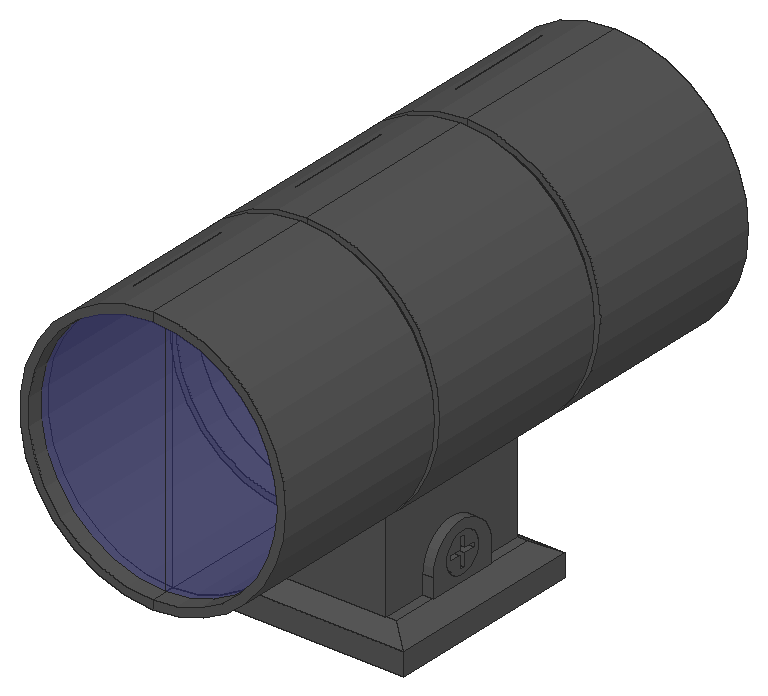
Revit family "CARLO CYLINDER LIGHT WALL MOUNT", category Lighting Fixtures, host Face, Revit 2020 (continued)
Types (10): name | Wattage_Input | Wattage Comments | Wattage | Photometric Web File | built-in parameter 1150142 | Model | built-in parameter 1150105 | Lumens | Light Length 1 | LIGHT RADIUS | LIGHT PLACEMENT | LIGHT LENGTH | LIGHT DIA | built-in parameter 1150106 | FIXED END HEIGHT | Curve base Height | Base Curve | BEAMING ANGLE | Apparent Load
  CCL6-13-35SPSW8-PC-40-WM-BK | 35 W | "22W/29W/35W" | 19.5231 W | "CCL6 35W 3000K 40° (up and down light).IES" | "IESNA:LM-63-2002\r\n[TEST] CCL6 35W 3000K 40¡ã (up and down light)\r\n[TESTLAB] EVERFINE\r\n[TESTDATE] 2024-03-09\r\n[ISSUEDATE] 2024-03-09 17:53:56\r\n[NEARFIELD] \r\n[LAMPPOSITION] 0,0\r\n[OTHER] EVERFINE GO-2000_V1 SYSTEM\r\n[MANUFAC] Aboveall lighting\r\nTILT=NONE\r\n1 2996.7 1 361 73 1 2 -0.103 -0.103 0.000\r\n1.000 1 34.6884\r\n0.0    0.5    1.0    1.5    2.0    2.5    3.0    3.5    4.0    4.5    \r\n 5.0    5.5    6.0    6.5    7.0    7.5    8.0    8.5    9.0    9.5    \r\n 10.0   10.5   11.0   11.5   12.0   12.5   13.0   13.5   14.0   14.5   \r\n 15.0   15.5   16.0   16.5   17.0   17.5   18.0   18.5   19.0   19.5   \r\n 20.0   20.5   21.0   21.5   22.0   22.5   23.0   23.5   24.0   24.5   \r\n 25.0   25.5   26.0   26.5   27.0   27.5   28.0   28.5   29.0   29.5   \r\n 30.0   30.5   31.0   31.5   32.0   32.5   33.0   33.5   34.0   34.5   \r\n 35.0   35.5   36.0   36.5   37.0   37.5   38.0   38.5   39.0   39.5   \r\n 40.0   40.5   41.0   41.5   42.0   42.5   43.0   43.5   44.0   44.5   \r\n 45.0   45.5   46.0   46.5   47.0   47.5   48.0   48.5   49.0   49.5   \r\n 50.0   50.5   51.0   51.5   52.0   52.5   53.0   53.5   54.0   54.5   \r\n 55.0   55.5   56.0   56.5   57.0   57.5   58.0   58.5   59.0   59.5   \r\n 60.0   60.5   61.0   61.5   62.0   62.5   63.0   63.5   64.0   64.5   \r\n 65.0   65.5   66.0   66.5   67.0   67.5   68.0   68.5   69.0   69.5   \r\n 70.0   70.5   71.0   71.5   72.0   72.5   73.0   73.5   74.0   74.5   \r\n 75.0   75.5   76.0   76.5   77.0   77.5   78.0   78.5   79.0   79.5   \r\n 80.0   80.5   81.0   81.5   82.0   82.5   83.0   83.5   84.0   84.5   \r\n 85.0   85.5   86.0   86.5   87.0   87.5   88.0   88.5   89.0   89.5   \r\n 90.0   90.5   91.0   91.5   92.0   92.5   93.0   93.5   94.0   94.5   \r\n 95.0   95.5   96.0   96.5   97.0   97.5   98.0   98.5   99.0   99.5   \r\n 100.0  100.5  101.0  101.5  102.0  102.5  103.0  103.5  104.0  104.5  \r\n 105.0  105.5  106.0  106.5  107.0  107.5  108.0  108.5  109.0  109.5  \r\n 110.0  110.5  111.0  111.5  112.0  112.5  113.0  113.5  114.0  114.5  \r\n 115.0  115.5  116.0  116.5  117.0  117.5  118.0  118.5  119.0  119.5  \r\n 120.0  120.5  121.0  121.5  122.0  122.5  123.0  123.5  124.0  124.5  \r\n 125.0  125.5  126.0  126.5  127.0  127.5  128.0  128.5  129.0  129.5  \r\n 130.0  130.5  131.0  131.5  132.0  132.5  133.0  133.5  134.0  134.5  \r\n 135.0  135.5  136.0  136.5  137.0  137.5  138.0  138.5  139.0  139.5  \r\n 140.0  140.5  141.0  141.5  142.0  142.5  143.0  143.5  144.0  144.5  \r\n 145.0  145.5  146.0  146.5  147.0  147.5  148.0  148.5  149.0  149.5  \r\n 150.0  150.5  151.0  151.5  152.0  152.5  153.0  153.5  154.0  154.5  \r\n 155.0  155.5  156.0  156.5  157.0  157.5  158.0  158.5  159.0  159.5  \r\n 160.0  160.5  161.0  161.5  162.0  162.5  163.0  163.5  164.0  164.5  \r\n 165.0  165.5  166.0  166.5  167.0  167.5  168.0  168.5  169.0  169.5  \r\n 170.0  170.5  171.0  171.5  172.0  172.5  173.0  173.5  174.0  174.5  \r\n 175.0  175.5  176.0  176.5  177.0  177.5  178.0  178.5  179.0  179.5  \r\n 180.0  \r\n0.0    5.0    10.0   15.0   20.0   25.0   30.0   35.0   40.0   45.0   \r\n 50.0   55.0   60.0   65.0   70.0   75.0   80.0   85.0   90.0   95.0   \r\n 100.0  105.0  110.0  115.0  120.0  125.0  130.0  135.0  140.0  145.0  \r\n 150.0  155.0  160.0  165.0  170.0  175.0  180.0  185.0  190.0  195.0  \r\n 200.0  205.0  210.0  215.0  220.0  225.0  230.0  235.0  240.0  245.0  \r\n 250.0  255.0  260.0  265.0  270.0  275.0  280.0  285.0  290.0  295.0  \r\n 300.0  305.0  310.0  315.0  320.0  325.0  330.0  335.0  340.0  345.0  \r\n 350.0  355.0  360.0  \r\n2410.7 2417.3 2416.6 2416.2 2415.4 2413.6 2411.5 2409.9 2407.9 2405.3 \r\n 2401.2 2394.8 2385.5 2372.1 2354.9 2333.5 2308.5 2280.7 2249.4 2214 \r\n 2175.5 2134.5 2091.2 2045.4 1998.2 1950.4 1902.8 1856.6 1810.3 1762.6 \r\n 1714.2 1665.3 1615.1 1562.9 1509 1453.4 1396.8 1340.6 1283.4 1224.1 \r\n 1163.9 1103.7 1044.5 987.73 933.07 880.59 830.46 782.57 737.82 696.96 \r\n 660.3 628.43 601.26 579.32 561.3 546.25 533.7 522.84 513.73 506.28 \r\n 500.07 494.72 490.09 485.96 482.22 478.68 475.32 472.12 469 465.85 \r\n 462.63 459.44 455.75 450.7 445.38 441.5 436.27 427.88 415.12 395.26 \r\n 371.16 344.87 316.11 284.84 252.53 220.64 189.19 158.49 129.15 101.39 \r\n 76.722 56.572 41.413 33.268 28.93 25.952 24.082 22.054 20.464 19.654 \r\n 19.126 18.465 17.768 16.949 16.145 15.492 14.91 14.378 13.858 13.278 \r\n 12.709 12.21 11.737 11.268 10.799 10.309 9.8296 9.3999 8.9788 8.5251 \r\n 8.0777 7.6701 7.2774 6.8832 6.4958 6.1157 5.75 5.4141 5.0838 4.7262 \r\n 4.383 4.1001 3.8322 3.5358 3.2515 3.0179 2.7973 2.5525 2.3207 2.1367 \r\n 1.9707 1.7962 1.6379 1.517 1.417 1.3267 1.252 1.1932 1.155 1.1409 \r\n 1.1538 1.2007 1.2726 1.3749 1.472 1.5145 1.5496 1.629 1.6891 1.662 \r\n 1.6114 1.6024 1.5669 1.4317 1.277 1.1782 1.0762 0.92245 0.76113 0.62564 \r\n 0.49996 0.3751 0.26324 0.17637 0.10599 0.043842 0.0011955 0 0 0 \r\n 0 0 0.015853 0.092878 0.18649 0.25843 0.33501 0.42949 0.54277 0.68934 \r\n 0.84157 0.96976 1.0946 1.2362 1.3669 1.4616 1.5325 1.5846 1.6136 1.6169 \r\n 1.5947 1.544 1.4717 1.378 1.284 1.2097 1.1591 1.1482 1.1618 1.1875 \r\n 1.2332 1.3034 1.3961 1.512 1.6475 1.7986 1.9672 2.1546 2.359 2.58 \r\n 2.8151 3.0615 3.3195 3.5899 3.868 4.1432 4.4328 4.7596 5.0969 5.4156 \r\n 5.7463 6.1202 6.5065 6.8752 7.2539 7.6694 8.0943 8.5021 8.916 9.3561 \r\n 9.8048 10.243 10.694 11.191 11.695 12.161 12.637 13.165 13.718 14.282 \r\n 14.867 15.474 16.108 16.762 17.473 18.321 19.176 19.842 20.61 21.672 \r\n 23.137 25.217 27.807 30.105 34.42 42.444 55.23 75.365 99.944 127.08 \r\n 156.3 186.7 217.74 248.49 279.24 310.43 340.74 369.4 395.14 416.47 \r\n 433.22 444.01 451.04 455.59 459.1 464.02 468.64 471.67 474.22 477.05 \r\n 479.97 483.03 486.28 489.75 493.54 497.68 502.33 507.58 513.68 520.74 \r\n 529.22 539.54 551.92 566.52 584.05 605.07 630.29 660.69 696.04 736.82 \r\n 781.79 829.94 881.14 935.18 991.37 1049.2 1107.8 1166.3 1224.4 1281.8 \r\n 1338.4 1393.5 1447.6 1500.9 1553.4 1605.1 1656.4 1708.1 1759 1807 \r\n 1854.5 1904 1953.7 2002.7 2051 2099.1 2144.9 2185.9 2224 2260.2 \r\n 2293.4 2322.6 2347.9 2368.5 2385.4 2399.4 2410.5 2418.6 2424 2426.4 \r\n 2427.2 2427.7 2427.6 2427 2426.1 2425 2423.8 2422.3 2420.8 2419.3 \r\n 2421.2 \r\n2410.7 2417.4 2416.8 2416.2 2415.4 2413.8 2411.8 2410 2407.9 2405.3 \r\n 2401.4 2395.6 2386.8 2374 2357.3 2336.6 2312.3 2285 2254.1 2219.3 \r\n 2181.2 2140.7 2097.6 2051.8 2004.5 1956.6 1908.9 1862.8 1816.6 1769 \r\n 1720.6 1671.7 1621.7 1569.8 1516.4 1461.3 1405.1 1349.2 1292.3 1233.2 \r\n 1173.2 1113 1053.7 996.65 941.59 888.41 837.57 789.34 744.21 702.61 \r\n 665.11 632.49 604.61 582.07 563.53 547.99 535.03 523.94 514.65 506.94 \r\n 500.52 495.07 490.39 486.18 482.38 478.81 475.44 472.22 469.06 465.9 \r\n 462.68 459.52 455.89 450.95 445.74 441.84 436.78 429.18 417.4 398.39 \r\n 375.02 349.19 320.74 289.59 257.35 225.65 194.31 163.46 133.8 105.61 \r\n 80.394 59.583 43.664 34.543 29.399 26.287 24.482 22.357 20.663 19.774 \r\n 19.191 18.519 17.831 17.026 16.235 15.578 14.984 14.434 13.894 13.306 \r\n 12.731 12.222 11.742 11.272 10.807 10.325 9.8532 9.4241 9.0019 8.5488 \r\n 8.1031 7.6999 7.3101 6.9104 6.5182 6.1445 5.7857 5.4469 5.1135 4.7626 \r\n 4.4244 4.1322 3.854 3.5583 3.276 3.0381 2.813 2.569 2.3374 2.1468 \r\n 1.9739 1.7986 1.6398 1.5138 1.4086 1.3174 1.242 1.1798 1.138 1.1226 \r\n 1.1356 1.1849 1.2589 1.3586 1.455 1.5071 1.5518 1.6299 1.6883 1.6712 \r\n 1.6278 1.6049 1.5574 1.4389 1.301 1.1903 1.0751 0.93181 0.78369 0.64863 \r\n 0.51963 0.39168 0.27659 0.18803 0.11542 0.047637 0 0 0 0 \r\n 0.00013842 0.0033502 0.027943 0.10608 0.19913 0.26974 0.3463 0.44658 0.56512 0.70936 \r\n 0.8584 0.98872 1.1156 1.2551 1.381 1.4666 1.5284 1.5777 1.6042 1.5994 \r\n 1.569 1.514 1.4399 1.3448 1.2526 1.1865 1.1456 1.1409 1.1602 1.193 \r\n 1.2446 1.3163 1.4093 1.527 1.6639 1.8142 1.9818 2.1701 2.3756 2.5966 \r\n 2.8318 3.0793 3.3383 3.6081 3.8859 4.1639 4.4564 4.7833 5.1207 5.4417 \r\n 5.7749 6.1498 6.5364 6.9053 7.2848 7.7035 8.1312 8.5383 8.9515 9.3949 \r\n 9.8474 10.287 10.74 11.242 11.75 12.216 12.692 13.226 13.787 14.357 \r\n 14.944 15.548 16.182 16.847 17.578 18.45 19.335 20.008 20.827 22.045 \r\n 23.757 26.218 29.204 31.727 36.34 44.989 58.5 79.416 104.52 131.41 \r\n 160.21 190.52 221.54 252.22 282.85 313.77 343.74 372.11 397.52 418.42 \r\n 434.7 444.91 451.47 455.88 459.39 464.36 469.03 471.98 474.45 477.28 \r\n 480.23 483.32 486.61 490.12 493.96 498.14 502.85 508.19 514.41 521.65 \r\n 530.33 540.82 553.42 568.33 586.23 607.63 633.32 664.39 700.39 741.59 \r\n 786.92 835.43 886.99 941.43 997.94 1055.9 1114.5 1173.1 1231.4 1288.8 \r\n 1345.3 1400.2 1454.2 1507.8 1560.7 1612.2 1663.3 1714.8 1765.5 1813.7 \r\n 1861.4 1910.5 1959.7 2008.4 2056.3 2103.9 2149.2 2190 2227.8 2263.6 \r\n 2296.4 2325.3 2350.4 2370.9 2387.7 2401.3 2411.8 2419.4 2424.2 2426.3 \r\n 2426.8 2427.4 2427.5 2426.8 2425.8 2424.6 2423.3 2422.1 2420.8 2419.4 \r\n 2421.2 \r\n2410.7 2417.6 2416.9 2416.3 2415.6 2414.1 2412.3 2410.3 2407.9 2405.4 \r\n 2401.7 2396.3 2388.2 2376 2360.1 2340.1 2316.5 2289.8 2259.5 2225.2 \r\n 2187.7 2147.7 2105 2059.2 2011.7 1963.8 1916 1870 1824 1776.5 \r\n 1728 1679.1 1629.2 1577.7 1524.8 1470.2 1414.7 1359 1302.3 1243.5 \r\n 1183.8 1123.6 1064.1 1006.9 951.43 897.49 845.87 797.27 751.75 709.3 \r\n 670.84 637.33 608.63 585.39 566.23 550.1 536.66 525.3 515.8 507.8 \r\n 501.13 495.57 490.83 486.53 482.65 479.06 475.69 472.44 469.25 466.07 \r\n 462.85 459.7 456.12 451.32 446.27 442.33 437.43 430.63 419.85 401.77 \r\n 379.2 353.89 325.79 294.86 262.78 231.36 200.18 169.14 139.13 110.51 \r\n 84.723 63.148 46.334 36.09 30.012 26.719 24.959 22.724 20.915 19.926 \r\n 19.272 18.584 17.907 17.122 16.348 15.685 15.075 14.501 13.938 13.34 \r\n 12.758 12.237 11.747 11.276 10.814 10.341 9.8783 9.4488 9.0247 8.5742 \r\n 8.1321 7.7332 7.3455 6.9402 6.5434 6.1766 5.8251 5.483 5.1462 4.8032 \r\n 4.4709 4.168 3.8778 3.5833 3.3037 3.0605 2.8298 2.587 2.3559 2.1574 \r\n 1.9763 1.8001 1.6408 1.5086 1.3971 1.3041 1.2277 1.1624 1.1178 1.1013 \r\n 1.1144 1.1657 1.2414 1.3376 1.4331 1.4972 1.5537 1.6294 1.6848 1.6786 \r\n 1.6434 1.6053 1.545 1.445 1.3259 1.2028 1.0737 0.94122 0.80706 0.6733 \r\n 0.54143 0.40942 0.29004 0.19993 0.12555 0.052493 0 0 0 0 \r\n 0.00029042 0.010371 0.041478 0.11908 0.20998 0.27982 0.35747 0.4644 0.58837 0.72816 \r\n 0.87218 1.0065 1.137 1.272 1.3908 1.4696 1.5254 1.5713 1.5941 1.5823 \r\n 1.5448 1.4863 1.411 1.3163 1.227 1.1689 1.1366 1.1365 1.1599 1.1996 \r\n 1.257 1.3294 1.4216 1.54 1.677 1.8251 1.9904 2.1784 2.3839 2.6037 \r\n 2.8377 3.0854 3.3444 3.6126 3.8892 4.1694 4.4643 4.7898 5.1259 5.4499 \r\n 5.7862 6.161 6.5469 6.9154 7.2954 7.7166 8.1466 8.5524 8.965 9.4128 \r\n 9.8703 10.312 10.767 11.273 11.785 12.252 12.731 13.271 13.839 14.415 \r\n 15.007 15.608 16.241 16.917 17.666 18.562 19.477 20.166 21.049 22.431 \r\n 24.401 27.267 30.687 33.505 38.468 47.705 61.916 83.757 109.49 135.91 \r\n 164.04 194.21 225.22 255.88 286.4 316.95 346.48 374.53 399.6 420.09 \r\n 435.91 445.63 451.78 456.06 459.57 464.56 469.25 472.17 474.61 477.47 \r\n 480.45 483.58 486.9 490.46 494.33 498.55 503.31 508.73 515.06 522.46 \r\n 531.33 541.98 554.77 569.96 588.2 609.95 636.06 667.76 704.36 745.88 \r\n 791.44 840.27 892.15 946.89 1003.6 1061.6 1120.3 1179 1237.3 1294.8 \r\n 1351.2 1406 1460 1513.9 1567 1618.6 1669.4 1720.8 1771.4 1819.8 \r\n 1867.7 1916.4 1965 2013.2 2060.8 2107.8 2152.6 2193.2 2230.8 2266.2 \r\n 2298.6 2327.3 2352.2 2372.8 2389.6 2402.8 2412.8 2419.9 2424.2 2425.9 \r\n 2426.3 2427 2427.2 2426.6 2425.5 2424.2 2422.9 2422 2421 2419.6 \r\n 2421.2 \r\n2410.7 2417.7 2417.1 2416.5 2415.7 2414.4 2412.7 2410.6 2408 2405.5 \r\n 2402 2397.1 2389.7 2378.2 2362.9 2343.8 2321 2294.8 2265.1 2231.4 \r\n 2194.5 2155.1 2112.8 2067.1 2019.6 1971.6 1923.8 1878 1832.1 1784.5 \r\n 1736.1 1687.1 1637.3 1586.2 1533.8 1479.8 1424.8 1369.5 1313 1254.5 \r\n 1195.1 1134.9 1075.3 1017.9 962.05 907.34 854.92 805.95 760.02 716.68 \r\n 677.19 642.73 613.13 589.11 569.25 552.49 538.53 526.86 517.13 508.82 \r\n 501.88 496.2 491.39 486.99 483.03 479.42 476.04 472.75 469.53 466.34 \r\n 463.13 459.97 456.42 451.79 446.91 442.93 438.16 432.13 422.34 405.22 \r\n 383.5 358.73 330.99 300.37 268.54 237.44 206.44 175.2 144.81 115.82 \r\n 89.513 67.102 49.285 37.832 30.75 27.231 25.492 23.134 21.203 20.101 \r\n 19.363 18.656 17.99 17.228 16.474 15.805 15.177 14.576 13.989 13.381 \r\n 12.792 12.258 11.757 11.283 10.823 10.36 9.9069 9.4761 9.0493 8.6027 \r\n 8.1656 7.7703 7.384 6.9733 6.5722 6.2119 5.8674 5.5219 5.1818 4.847 \r\n 4.5208 4.2068 3.9042 3.6114 3.3349 3.0858 2.849 2.6075 2.3771 2.1704 \r\n 1.9806 1.8033 1.6434 1.5046 1.3864 1.291 1.2134 1.1453 1.0981 1.0802 \r\n 1.0928 1.1452 1.2216 1.3137 1.408 1.4851 1.5544 1.6268 1.6783 1.6835 \r\n 1.6575 1.6047 1.532 1.451 1.351 1.2162 1.0736 0.95158 0.83091 0.6987 \r\n 0.5643 0.42799 0.30407 0.21258 0.13655 0.057804 0 0 0 0 \r\n 0.00043536 0.01764 0.055203 0.13088 0.2185 0.28874 0.36882 0.48213 0.61085 0.74577 \r\n 0.88456 1.0232 1.1576 1.287 1.3979 1.4719 1.5234 1.5657 1.5846 1.5665 \r\n 1.5231 1.4619 1.3859 1.2925 1.2068 1.1559 1.131 1.1339 1.16 1.2062 \r\n 1.2692 1.3417 1.4324 1.5507 1.6871 1.8325 1.9951 2.1821 2.3869 2.6048 \r\n 2.837 3.0839 3.3423 3.6084 3.8836 4.1656 4.4621 4.7855 5.1199 5.4468 \r\n 5.7864 6.1608 6.5454 6.9134 7.2933 7.7164 8.148 8.5524 8.9645 9.4171 \r\n 9.8804 10.325 10.782 11.291 11.806 12.277 12.759 13.306 13.88 14.463 \r\n 15.06 15.659 16.292 16.978 17.741 18.658 19.602 20.315 21.267 22.813 \r\n 25.041 28.306 32.161 35.307 40.65 50.453 65.344 88.155 114.53 140.4 \r\n 167.76 197.77 228.77 259.43 289.86 319.97 349 376.7 401.43 421.5 \r\n 436.91 446.19 451.99 456.17 459.67 464.64 469.33 472.26 474.73 477.61 \r\n 480.64 483.81 487.17 490.75 494.65 498.91 503.72 509.2 515.63 523.2 \r\n 532.26 543.05 556.01 571.46 590.01 612.1 638.62 670.9 708.05 749.82 \r\n 795.56 844.67 896.81 951.76 1008.6 1066.6 1125.3 1184.1 1242.6 1300.1 \r\n 1356.4 1411.1 1465 1519.2 1572.7 1624.3 1675.1 1726.3 1776.7 1825.5 \r\n 1873.6 1921.8 1969.6 2017.5 2064.6 2111 2155.3 2195.7 2233.2 2268.2 \r\n 2300.2 2328.7 2353.5 2374.2 2391.1 2404.1 2413.6 2420.1 2424 2425.5 \r\n 2425.7 2426.5 2426.9 2426.3 2425.2 2423.8 2422.5 2421.9 2421.1 2419.7 \r\n 2421.2 \r\n2410.7 2417.9 2417.2 2416.6 2415.9 2414.7 2413.2 2410.9 2408.2 2405.6 \r\n 2402.3 2397.9 2391.1 2380.2 2365.8 2347.4 2325.4 2299.8 2270.6 2237.6 \r\n 2201.3 2162.5 2120.7 2075.1 2027.7 1979.7 1931.9 1886.2 1840.4 1792.8 \r\n 1744.4 1695.3 1645.5 1594.8 1542.9 1489.6 1435.1 1380.1 1323.8 1265.7 \r\n 1206.5 1146.4 1086.8 1029.2 972.95 917.5 864.33 814.98 768.61 724.39 \r\n 683.88 648.45 617.93 593.08 572.49 555.06 540.57 528.58 518.59 509.97 \r\n 502.75 496.94 492.04 487.54 483.5 479.86 476.47 473.14 469.88 466.69 \r\n 463.47 460.3 456.78 452.33 447.63 443.6 438.95 433.62 424.75 408.56 \r\n 387.7 363.44 336.09 305.83 274.32 243.54 212.71 181.27 150.54 121.31 \r\n 94.571 71.277 52.38 39.694 31.591 27.81 26.059 23.569 21.515 20.291 \r\n 19.462 18.733 18.076 17.337 16.605 15.929 15.282 14.657 14.046 13.429 \r\n 12.834 12.288 11.776 11.298 10.84 10.386 9.9407 9.5077 9.078 8.6359 \r\n 8.2042 7.8117 7.4258 7.0102 6.6053 6.2505 5.9117 5.5628 5.2197 4.8927 \r\n 4.5724 4.2478 3.9337 3.6431 3.37 3.1149 2.8716 2.6315 2.4021 2.1875 \r\n 1.9893 1.8108 1.6503 1.5052 1.3804 1.2824 1.2031 1.1323 1.0826 1.0628 \r\n 1.0741 1.1258 1.2012 1.2883 1.3811 1.4711 1.5531 1.6216 1.6687 1.6853 \r\n 1.6689 1.6041 1.5211 1.4578 1.3756 1.2308 1.0766 0.96377 0.85488 0.72392 \r\n 0.58718 0.4471 0.31917 0.22642 0.1486 0.063639 0 0 0 0 \r\n 0.00055258 0.024475 0.067864 0.14044 0.22416 0.29654 0.38067 0.49891 0.63087 0.76223 \r\n 0.89717 1.039 1.1761 1.3001 1.4041 1.4742 1.5227 1.5616 1.5768 1.5533 \r\n 1.5048 1.4414 1.3652 1.2736 1.1914 1.1465 1.1274 1.132 1.1596 1.2114 \r\n 1.2795 1.352 1.4412 1.5591 1.6946 1.8377 1.9977 2.1834 2.3871 2.6033 \r\n 2.8336 3.0793 3.3364 3.6007 3.8747 4.1579 4.4555 4.777 5.1099 5.4395 \r\n 5.7819 6.1559 6.5394 6.9067 7.2863 7.7104 8.143 8.5462 8.9581 9.4154 \r\n 9.8843 10.332 10.792 11.303 11.82 12.295 12.782 13.334 13.915 14.505 \r\n 15.107 15.706 16.339 17.033 17.811 18.743 19.711 20.45 21.472 23.176 \r\n 25.645 29.274 33.53 37.002 42.729 53.096 68.
